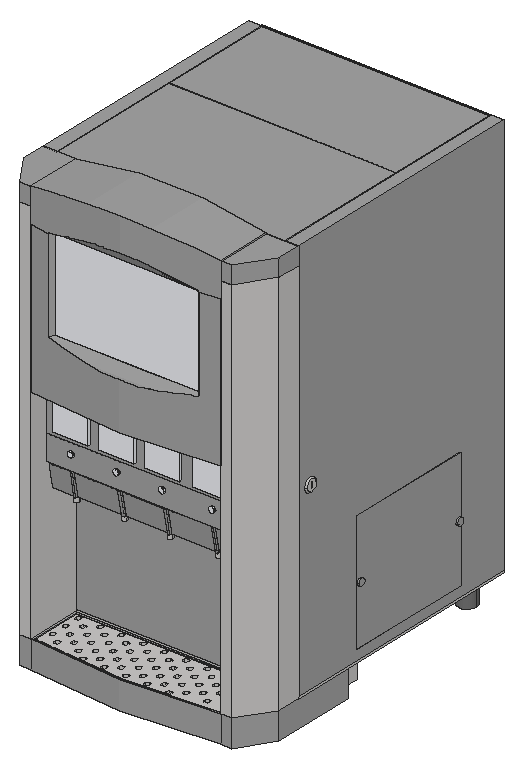
Revit family "QF_ELECTROLUXPROFESSIONAL_560057_FJUICEUK", category Specialty Equipment, Revit 2018 (continued)
Lines and regions (mm)
  symbolic lines
    curve 42: arc (-35, -223.846, 51) -> (-40, -218.846, 51) -> (-45, -223.846, 51) r 5
    curve 43: arc (-45, -223.846, 51) -> (-40, -228.846, 51) -> (-35, -223.846, 51) r 5
    curve 44: arc (-25, -208.846, 51) -> (-20, -213.846, 51) -> (-15, -208.846, 51) r 5
    curve 45: arc (-45, -193.846, 51) -> (-40, -198.846, 51) -> (-35, -193.846, 51) r 5
    curve 46: arc (-35, -193.846, 51) -> (-40, -188.846, 51) -> (-45, -193.846, 51) r 5
    curve 47: arc (-15, -208.846, 51) -> (-20, -203.846, 51) -> (-25, -208.846, 51) r 5
    curve 48: arc (-145, -238.846, 51) -> (-140, -243.846, 51) -> (-135, -238.846, 51) r 5
    curve 49: arc (-135, -238.846, 51) -> (-140, -233.846, 51) -> (-145, -238.846, 51) r 5
    curve 50: arc (-165, -253.846, 51) -> (-160, -258.846, 51) -> (-155, -253.846, 51) r 5
    curve 51: arc (-155, -253.846, 51) -> (-160, -248.846, 51) -> (-165, -253.846, 51) r 5
    curve 52: arc (-115, -253.846, 51) -> (-120, -248.846, 51) -> (-125, -253.846, 51) r 5
    curve 53: arc (-125, -253.846, 51) -> (-120, -258.846, 51) -> (-115, -253.846, 51) r 5
    curve 54: arc (-135, -268.846, 51) -> (-140, -263.846, 51) -> (-145, -268.846, 51) r 5
    curve 55: arc (-145, -268.846, 51) -> (-140, -273.846, 51) -> (-135, -268.846, 51) r 5
    curve 56: arc (-105, -268.846, 51) -> (-100, -273.846, 51) -> (-95, -268.846, 51) r 5
    curve 57: arc (-95, -268.846, 51) -> (-100, -263.846, 51) -> (-105, -268.846, 51) r 5
    curve 58: arc (-105, -238.846, 51) -> (-100, -243.846, 51) -> (-95, -238.846, 51) r 5
    curve 59: arc (-95, -238.846, 51) -> (-100, -233.846, 51) -> (-105, -238.846, 51) r 5
    curve 60: arc (-65, -238.846, 51) -> (-60, -243.846, 51) -> (-55, -238.846, 51) r 5
    curve 61: arc (-55, -238.846, 51) -> (-60, -233.846, 51) -> (-65, -238.846, 51) r 5
    curve 62: arc (-75, -253.846, 51) -> (-80, -248.846, 51) -> (-85, -253.846, 51) r 5
    curve 63: arc (-85, -253.846, 51) -> (-80, -258.846, 51) -> (-75, -253.846, 51) r 5
    curve 64: arc (-55, -268.846, 51) -> (-60, -263.846, 51) -> (-65, -268.846, 51) r 5
    curve 65: arc (-65, -268.846, 51) -> (-60, -273.846, 51) -> (-55, -268.846, 51) r 5
    curve 66: arc (-75, -283.846, 51) -> (-80, -278.846, 51) -> (-85, -283.846, 51) r 5
    curve 67: arc (-85, -283.846, 51) -> (-80, -288.846, 51) -> (-75, -283.846, 51) r 5
    curve 68: arc (-35, -283.846, 51) -> (-40, -278.846, 51) -> (-45, -283.846, 51) r 5
    curve 69: arc (-45, -283.846, 51) -> (-40, -288.846, 51) -> (-35, -283.846, 51) r 5
    curve 70: arc (-25, -268.846, 51) -> (-20, -273.846, 51) -> (-15, -268.846, 51) r 5
    curve 71: arc (-15, -268.846, 51) -> (-20, -263.846, 51) -> (-25, -268.846, 51) r 5
    curve 72: arc (5, -283.846, 51) -> (0, -278.846, 51) -> (-5, -283.846, 51) r 5
    curve 73: arc (-5, -283.846, 51) -> (0, -288.846, 51) -> (5, -283.846, 51) r 5
    curve 74: arc (-5, -253.846, 51) -> (0, -258.846, 51) -> (5, -253.846, 51) r 5
    curve 75: arc (5, -253.846, 51) -> (0, -248.846, 51) -> (-5, -253.846, 51) r 5
    curve 76: arc (-5, -223.846, 51) -> (0, -228.846, 51) -> (5, -223.846, 51) r 5
    curve 77: arc (5, -223.846, 51) -> (0, -218.846, 51) -> (-5, -223.846, 51) r 5
    curve 78: arc (-15, -238.846, 51) -> (-20, -233.846, 51) -> (-25, -238.846, 51) r 5
    curve 79: arc (-25, -238.846, 51) -> (-20, -243.846, 51) -> (-15, -238.846, 51) r 5
    curve 80: arc (-35, -253.846, 51) -> (-40, -248.846, 51) -> (-45, -253.846, 51) r 5
    curve 81: arc (-5, -193.846, 51) -> (0, -198.846, 51) -> (5, -193.846, 51) r 5
    curve 82: arc (5, -193.846, 51) -> (0, -188.846, 51) -> (-5, -193.846, 51) r 5
    curve 83: arc (25, -208.846, 51) -> (20, -203.846, 51) -> (15, -208.846, 51) r 5
    curve 84: arc (15, -208.846, 51) -> (20, -213.846, 51) -> (25, -208.846, 51) r 5
    curve 85: arc (45, -223.846, 51) -> (40, -218.846, 51) -> (35, -223.846, 51) r 5
    curve 86: arc (35, -223.846, 51) -> (40, -228.846, 51) -> (45, -223.846, 51) r 5
    curve 87: arc (35, -193.846, 51) -> (40, -198.846, 51) -> (45, -193.846, 51) r 5
    curve 88: arc (45, -193.846, 51) -> (40, -188.846, 51) -> (35, -193.846, 51) r 5
    curve 89: arc (65, -208.846, 51) -> (60, -203.846, 51) -> (55, -208.846, 51) r 5
    curve 90: arc (55, -208.846, 51) -> (60, -213.846, 51) -> (65, -208.846, 51) r 5
    curve 91: arc (75, -193.846, 51) -> (80, -198.846, 51) -> (85, -193.846, 51) r 5
    curve 92: arc (85, -193.846, 51) -> (80, -188.846, 51) -> (75, -193.846, 51) r 5
    curve 93: arc (85, -223.846, 51) -> (80, -218.846, 51) -> (75, -223.846, 51) r 5
    curve 94: arc (75, -223.846, 51) -> (80, -228.846, 51) -> (85, -223.846, 51) r 5
    curve 95: arc (65, -238.846, 51) -> (60, -233.846, 51) -> (55, -238.846, 51) r 5
    curve 96: arc (55, -238.846, 51) -> (60, -243.846, 51) -> (65, -238.846, 51) r 5
    curve 97: arc (15, -238.846, 51) -> (20, -243.846, 51) -> (25, -238.846, 51) r 5
    curve 98: arc (25, -238.846, 51) -> (20, -233.846, 51) -> (15, -238.846, 51) r 5
    curve 99: arc (35, -253.846, 51) -> (40, -258.846, 51) -> (45, -253.846, 51) r 5
    curve 100: arc (45, -253.846, 51) -> (40, -248.846, 51) -> (35, -253.846, 51) r 5
    curve 101: arc (75, -253.846, 51) -> (80, -258.846, 51) -> (85, -253.846, 51) r 5
    curve 102: arc (85, -253.846, 51) -> (80, -248.846, 51) -> (75, -253.846, 51) r 5
    curve 103: arc (115, -253.846, 51) -> (120, -258.846, 51) -> (125, -253.846, 51) r 5
    curve 104: arc (125, -253.846, 51) -> (120, -248.846, 51) -> (115, -253.846, 51) r 5
    curve 105: arc (95, -268.846, 51) -> (100, -273.846, 51) -> (105, -268.846, 51) r 5
    curve 106: arc (105, -268.846, 51) -> (100, -263.846, 51) -> (95, -268.846, 51) r 5
    curve 107: arc (85, -283.846, 51) -> (80, -278.846, 51) -> (75, -283.846, 51) r 5
    curve 108: arc (75, -283.846, 51) -> (80, -288.846, 51) -> (85, -283.846, 51) r 5
    curve 109: arc (65, -268.846, 51) -> (60, -263.846, 51) -> (55, -268.846, 51) r 5
    curve 110: arc (55, -268.846, 51) -> (60, -273.846, 51) -> (65, -268.846, 51) r 5
    curve 111: arc (45, -283.846, 51) -> (40, -278.846, 51) -> (35, -283.846, 51) r 5
    curve 112: arc (15, -268.846, 51) -> (20, -273.846, 51) -> (25, -268.846, 51) r 5
    curve 113: arc (25, -268.846, 51) -> (20, -263.846, 51) -> (15, -268.846, 51) r 5
    curve 114: arc (115, -193.846, 51) -> (120, -198.846, 51) -> (125, -193.846, 51) r 5
    curve 115: arc (125, -193.846, 51) -> (120, -188.846, 51) -> (115, -193.846, 51) r 5
    curve 116: arc (165, -193.846, 51) -> (160, -188.846, 51) -> (155, -193.846, 51) r 5
    curve 117: arc (155, -193.846, 51) -> (160, -198.846, 51) -> (165, -193.846, 51) r 5
    curve 118: arc (145, -208.846, 51) -> (140, -203.846, 51) -> (135, -208.846, 51) r 5
    curve 119: arc (135, -208.846, 51) -> (140, -213.846, 51) -> (145, -208.846, 51) r 5
    curve 120: arc (95, -208.846, 51) -> (100, -213.846, 51) -> (105, -208.846, 51) r 5
    curve 121: arc (105, -208.846, 51) -> (100, -203.846, 51) -> (95, -208.846, 51) r 5
    curve 122: arc (125, -223.846, 51) -> (120, -218.846, 51) -> (115, -223.846, 51) r 5
    curve 123: arc (115, -223.846, 51) -> (120, -228.846, 51) -> (125, -223.846, 51) r 5
    curve 124: arc (155, -223.846, 51) -> (160, -228.846, 51) -> (165, -223.846, 51) r 5
    curve 125: arc (165, -223.846, 51) -> (160, -218.846, 51) -> (155, -223.846, 51) r 5
    curve 126: arc (145, -238.846, 51) -> (140, -233.846, 51) -> (135, -238.846, 51) r 5
    curve 127: arc (135, -238.846, 51) -> (140, -243.846, 51) -> (145, -238.846, 51) r 5
    curve 128: arc (105, -238.846, 51) -> (100, -233.846, 51) -> (95, -238.846, 51) r 5
    curve 129: arc (95, -238.846, 51) -> (100, -243.846, 51) -> (105, -238.846, 51) r 5
    curve 130: arc (145, -268.846, 51) -> (140, -263.846, 51) -> (135, -268.846, 51) r 5
    curve 131: arc (135, -268.846, 51) -> (140, -273.846, 51) -> (145, -268.846, 51) r 5
    curve 132: arc (155, -253.846, 51) -> (160, -258.846, 51) -> (165, -253.846, 51) r 5
    curve 133: arc (165, -253.846, 51) -> (160, -248.846, 51) -> (155, -253.846, 51) r 5
    curve 134: arc (-45, -253.846, 51) -> (-40, -258.846, 51) -> (-35, -253.846, 51) r 5
    curve 135: arc (-65, -208.846, 51) -> (-60, -213.846, 51) -> (-55, -208.846, 51) r 5
    curve 136: line (212.5, 81.026, 51) -> (212.5, 299, 51)
    curve 137: line (212.5, -179, 51) -> (212.5, 81.026, 51)
Dimensions and locks
  plane 4 "BASE" to level = 51 mm
  plane 5 "TOP" to level = 826 mm
  plane 8 "LEFT" to plane 9 "RIGHT" = 475 mm
  plane 7 "BACK" to plane 6 "FRONT" = 598 mm
  plane 10 to plane 4 "BASE" to level = 755 mm, 51 mm
  aligned and locked: level to plane 2
Connectors
  electrical at (-114.17, 0, 42.303), driven by "Volts"
    settings: on Extrusion 29, index 1, voltage 230 V, apparent load 0 VA, apparent load phase1 0 VA, apparent load phase2 0 VA, apparent load phase3 0 VA, power factor 1, load classification "Other", number of poles 1, system type 30, power factor state 1, is connector primary yes, connector utility no, sub classification motor no, connector description "Electrical Connection"
  piping at (-201.135, 230.454, 44.554), diameter 6.4
    settings: on Extrusion 30, index 2, connector inside diameter 609.6 mm, connector length 0 mm, flow factor 0, pipe flow 0.0 L/s, pressure drop 0.0 Pa, fitting loss kfactor 0, connector angle 0.00°, fixture units 0, engagement length 0 mm, angle of deflection 0.00°, flow configuration 1, flow direction 1, fitting loss method 0, system type 20, joint type 0, gender type 0, connector reference index -1, connector utility 0, adjustable connector no, is connector primary yes, connector description "Cold Water Inlet 1"
